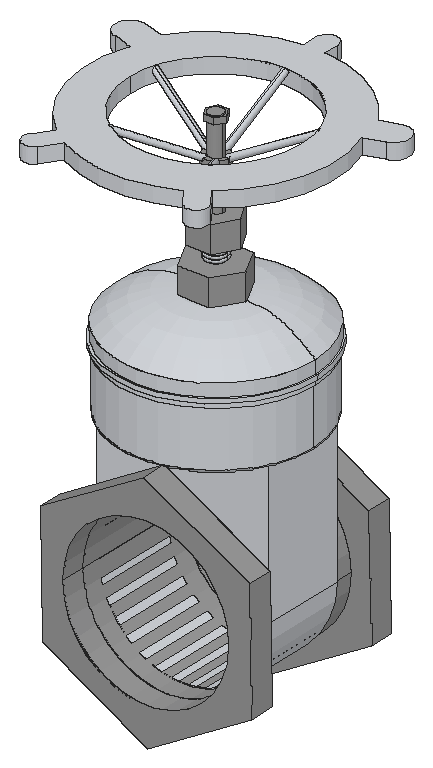
Revit family "Gate Valves - R55Y010", category Plumbing Fixtures, Revit 2015
Parameters
  Handle Material = Plastic, Green
  Body Material = Brass
Reference planes
  plane 1 "Center (Front/Back)": y = 0
  plane 2: z = 0
  plane 3 "Center (Left/Right)": x = 0
  plane 4: y = 42
  plane 5: y = -42
  plane 6: z = 198
  plane 7: y = -72.5
  plane 8: z = -58
  plane 9: y = 72.5
Forms (mm)
  Revolve 1, solid, material "Brass" <- "Body Material"
    sketch origin (0, 9.689, 0) x (1, 0, 0) y (0, 1, 0)
      loop
        line (40.8, 20.379) -> (40, 20.379) -> (40, -39.656) -> (40.8, -39.656) -> (40.8, 20.379)
      axis (0, 20.379) -> (0, -39.656)
    angle from 0 to 360
  Extrusion 2, solid, material "Brass" <- "Body Material"
    sketch origin (0, 0, -10.536) x (1, 0, 0) y (0, 1, 0)
      loop
        circle (0, 0) r 3.5
    from 49.077 to 208.133
  Extrusion 3, solid, material "Brass" <- "Body Material"
    sketch origin (0, 0.004, 79.509) x (1, 0, 0) y (0, 1, 0)
      loop
        line (6, 10.388) -> (-6, 10.388) -> (-12, -0.004) -> (-6, -10.397) -> (6, -10.397) -> (12, -0.004) -> (6, 10.388)
    from 63.088 to 76.088
  Extrusion 4, solid, material "Brass" <- "Body Material"
    sketch origin (0, 0.004, 59.142) x (1, 0, 0) y (0, 1, 0)
      loop
        line (7.949, 12.716) -> (-7.042, 13.24) -> (-14.991, 0.519) -> (-7.949, -12.725) -> (7.042, -13.249) -> (14.991, -0.528) -> (7.949, 12.716)
    from 61.858 to 74.858
  Extrusion 5, solid, material "Brass" <- "Body Material"
    sketch origin (0, 0.004, 131.184) x (1, 0, 0) y (0, 1, 0)
      loop
        line (2.499, 4.327) -> (-2.499, 4.327) -> (-4.998, -0.002) -> (-2.499, -4.331) -> (2.499, -4.331) -> (4.999, -0.002) -> (2.499, 4.327)
    from 63.282 to 66.282
  Revolve 6, solid
    sketch origin (0, 0.062, 56.136) x (1, 0, 0) y (0, 0, 1)
      loop
        line (0, 12.136) -> (0, 64.643) -> (-6.356, 64.643)
        arc (-6.356, 64.643) -> (-28.777, 63.205) -> (-47.812, 51.271) r 45.766
        line (-47.812, 51.271) -> (-47.812, 45.064) -> (-48.812, 45.064) -> (-48.812, 42.976) -> (-47.812, 42.976) -> (-47.812, 40.301) -> (-47.012, 40.301) -> (-47.012, 13.198)
        arc (-47.012, 13.198) -> (-46.702, 12.447) -> (-45.951, 12.136) r 1.062
        line (-45.951, 12.136) -> (0, 12.136)
      axis (0, 12.136) -> (0, 64.643)
    angle from 0 to 360
  Revolve 7, solid
    sketch origin (0, 0, 2.86) x (1, 0, 0) y (0, 0, 1)
      loop
        line (-2.47, 139.644) -> (-2.47, 138.252) -> (-5.032, 138.252)
        arc (-5.032, 138.252) -> (-5.415, 137.869) -> (-5.032, 137.487) r 0.383
        line (-5.032, 137.487) -> (-2.47, 137.487) -> (-2.47, 136.643) -> (-5.032, 136.643)
        arc (-5.032, 136.643) -> (-5.454, 136.221) -> (-5.032, 135.799) r 0.422
        line (-5.032, 135.799) -> (-2.47, 135.799) -> (-2.47, 134.955) -> (-5.032, 134.955)
        arc (-5.032, 134.955) -> (-5.454, 134.534) -> (-5.032, 134.112) r 0.422
        line (-5.032, 134.112) -> (-2.47, 134.112) -> (-2.47, 133.268) -> (-5.032, 133.268)
        arc (-5.032, 133.268) -> (-5.454, 132.846) -> (-5.032, 132.424) r 0.422
        line (-5.032, 132.424) -> (-2.47, 132.424) -> (-2.47, 131.453) -> (0, 131.453) -> (0, 139.644) -> (-2.47, 139.644)
      axis (0, 131.453) -> (0, 139.644)
    angle from 0 to 360
  Extrusion 8, solid
    sketch origin (0, 1.917, 0) x (1, 0, 0) y (0, 0, 1)
      loop
        line (41.5, 70) -> (-41.5, 70) -> (-41.5, 0)
        arc (-41.5, 0) -> (0, -41.5) -> (41.5, 0) r 41.5
        line (41.5, 0) -> (41.5, 70)
      loop
        circle (0, 0.001) r 40
    from -18.618 to 21.917
  Extrusion 9, solid, material "Brass" <- "Body Material"
    sketch origin (0, 0.004, 112.661) x (1, 0, 0) y (0, 1, 0)
      loop
        circle (0, -0.004) r 6
    from 63.088 to 66.767
  SweptBlend 10, solid
    path origin (0, -1.76, 134.8) x (0, 1, 0) y (0, 0, 1)
      loop
        line (5.602, 43.202) -> (43.76, 61.813)
    profile origin (0, 3.843, 178.002) x (0, -0.438371, 0.898794) y (1, 0, 0)
      loop
        circle (0, 0) r 1.5
    end profile origin (0, 42, 196.613) x (0, -0.438371, 0.898794) y (1, 0, 0)
      loop
        circle (0, 0) r 1.5
  SweptBlend 11, solid
    path origin (-1.635, -0.572, 134.8) x (0.951057, 0.309017, 0) y (0, 0, 1)
      loop
        line (5.602, 43.202) -> (43.76, 61.813)
    profile origin (3.693, 1.159, 178.002) x (-0.416916, -0.135464, 0.898794) y (0.309017, -0.951057, 0)
      loop
        circle (0, 0) r 1.5
    end profile origin (39.983, 12.951, 196.613) x (-0.416916, -0.135464, 0.898794) y (0.309017, -0.951057, 0)
      loop
        circle (0, 0) r 1.5
  SweptBlend 12, solid
    path origin (-1.01, 1.35, 134.8) x (0.587785, -0.809017, 0) y (0, 0, 1)
      loop
        line (5.602, 43.202) -> (43.76, 61.813)
    profile origin (2.283, -3.182, 178.002) x (-0.257668, 0.35465, 0.898794) y (-0.809017, -0.587785, 0)
      loop
        circle (0, 0) r 1.5
    end profile origin (24.711, -34.052, 196.613) x (-0.257668, 0.35465, 0.898794) y (-0.809017, -0.587785, 0)
      loop
        circle (0, 0) r 1.5
  SweptBlend 13, solid
    path origin (1.01, 1.35, 134.8) x (-0.587785, -0.809017, 0) y (0, 0, 1)
      loop
        line (5.602, 43.202) -> (43.76, 61.813)
    profile origin (-2.283, -3.182, 178.002) x (0.257668, 0.35465, 0.898794) y (-0.809017, 0.587785, 0)
      loop
        circle (0, 0) r 1.5
    end profile origin (-24.711, -34.052, 196.613) x (0.257668, 0.35465, 0.898794) y (-0.809017, 0.587785, 0)
      loop
        circle (0, 0) r 1.5
  SweptBlend 14, solid
    path origin (1.635, -0.572, 134.8) x (-0.951057, 0.309017, 0) y (0, 0, 1)
      loop
        line (5.602, 43.202) -> (43.76, 61.813)
    profile origin (-3.693, 1.159, 178.002) x (0.416916, -0.135464, 0.898794) y (0.309017, 0.951057, 0)
      loop
        circle (0, 0) r 1.5
    end profile origin (-39.983, 12.951, 196.613) x (0.416916, -0.135464, 0.898794) y (0.309017, 0.951057, 0)
      loop
        circle (0, 0) r 1.5
  Extrusion 15, solid, material "Brass" <- "Body Material"
    sketch origin (0, -11.248, 1.501) x (1, 0, 0) y (0, 0, 1)
      loop
        circle (0, -1.5) r 40
      loop
        line (-50.728, 26.619) -> (-49.716, -31.372) -> (1.012, -59.491) -> (50.728, -29.619) -> (49.716, 28.372) -> (-1.012, 56.491) -> (-50.728, 26.619)
    from 18.752 to 30.752
  Extrusion 16, solid
    sketch origin (0.005, -4.502, 138) x (1, 0, 0) y (0, 1, 0)
      loop
        circle (-0.005, 4.502) r 41.54
      loop
        line (-65.121, 25.482) -> (-55.86, 22.473)
        arc (-55.86, 22.473) -> (-57.351, -14.004) -> (-37.287, -44.503) r 59.581
        line (-37.287, -44.503) -> (-43.359, -52.861)
        arc (-43.359, -52.861) -> (-42.209, -60.123) -> (-34.947, -58.973) r 5.199
        line (-34.947, -58.973) -> (-28.967, -50.742)
        arc (-28.967, -50.742) -> (-0.005, -57.781) -> (28.958, -50.742) r 63.106
        line (28.958, -50.742) -> (34.899, -58.919)
        arc (34.899, -58.919) -> (42.161, -60.07) -> (43.311, -52.808) r 5.199
        line (43.311, -52.808) -> (37.331, -44.577)
        arc (37.331, -44.577) -> (57.474, -14.039) -> (55.978, 22.514) r 59.587
        line (55.978, 22.514) -> (64.709, 25.482)
        arc (64.709, 25.482) -> (70.256, 34.241) -> (61.496, 39.787) r 7.331
        line (61.496, 39.787) -> (52.24, 36.78)
        arc (52.24, 36.78) -> (31.616, 56.16) -> (4.575, 64.507) r 62.751
        line (4.575, 64.507) -> (4.575, 71.839)
        arc (4.575, 71.839) -> (-0.624, 77.039) -> (-5.823, 71.84) r 5.199
        line (-5.823, 71.84) -> (-5.823, 64.383)
        arc (-5.823, 64.383) -> (-32.096, 55.79) -> (-52.127, 36.741) r 62.741
        line (-52.127, 36.741) -> (-61.502, 39.787)
        arc (-61.502, 39.787) -> (-70.67, 34.496) -> (-65.121, 25.482) r 7.381
    from 52.613 to 60
  Extrusion 17, solid, material "Brass" <- "Body Material"
    sketch origin (0, 60.753, 1.501) x (1, 0, 0) y (0, 0, 1)
      loop
        circle (0, -1.5) r 40
      loop
        line (-50.728, 26.619) -> (-49.716, -31.372) -> (1.012, -59.491) -> (50.728, -29.619) -> (49.716, 28.372) -> (-1.012, 56.491) -> (-50.728, 26.619)
    from 18.752 to 30.752
Dimensions and locks
  plane 5 to plane 4 = 84 mm
  plane 6 to plane 2 = 198 mm
  plane 6 to plane 8 = 256 mm
  aligned and locked: level to plane 2
